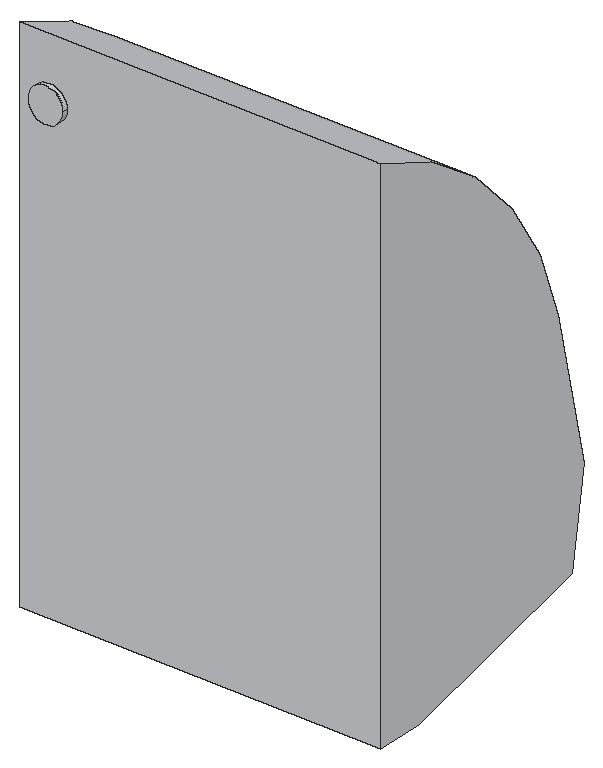
Revit family "DAN DRYER Stainless Design Mini Design 281 MEP", category Furniture Systems, host Wall, Revit 2018
Family settings
  Host = Wall
  Round Connector Dimension = Use Diameter
  Part Type = Normal
  Always vertical = Yes
  Cut with Voids When Loaded = No
  Shared = No
  Room Calculation Point = No
Parameters (values of type "Stål")
  Wicth = 228 mm
  URL = "http://www.dandryer.com/Files/Billeder/PDF/Datablade/Nye/Technical%20data%20sheet%20MINI%20DESIGN.pdf"
  Type Image = <None>
  Offset from Floor = 1500 mm
  Model = "Stainless design"
  Manufacturer = "http://www.dandryer.com/"
  Height = 339 mm
  Description = "WARM-AIR HAND DRYER with IR sensor, type MINI DESIGN, Art. no. 281"
  Cost = 0
Reference planes
  plane 1 "Wall": y = 0
  plane 2 "Center (Left/Right)": x = 125
  plane 3 "Back": y = 75
  plane 4 "Top": z = 1500
  plane 5 "Bund": z = 1161
  plane 6: x = 239
  plane 7: x = 11
Forms (mm)
  Extrusion 1, solid
    sketch origin (125, 0, 0) x (0, 1, 0) y (0, 0, 1)
      loop
        line (75, 1161) -> (105, 1161) -> (225.741, 1193.352) -> (235.127, 1252.614)
        arc (235.127, 1252.614) -> (227.544, 1299.386) -> (215.127, 1345.114) r 454
        arc (215.127, 1345.114) -> (164.741, 1437.327) -> (75, 1491.993) r 203
        line (75, 1491.993) -> (75, 1161)
    from -114 to 114
  Extrusion 2, void
    sketch origin (118.75, 105, 1161) x (0, -0.965926, -0.258819) y (1, 0, 0)
      loop
        line (-83.221, 88.709) -> (-83.221, 15.709) -> (-28.221, 15.709) -> (-28.221, 88.709) -> (-83.221, 88.709)
      loop
        line (-50.096, 6.356) -> (-80.096, 6.356)
        arc (-80.096, 6.356) -> (-82.596, 3.856) -> (-80.096, 1.356) r 2.5
        line (-80.096, 1.356) -> (-50.096, 1.356)
        arc (-50.096, 1.356) -> (-47.596, 3.856) -> (-50.096, 6.356) r 2.5
      loop
        line (-50.096, -3.644) -> (-80.096, -3.644)
        arc (-80.096, -3.644) -> (-82.596, -6.144) -> (-80.096, -8.644) r 2.5
        line (-80.096, -8.644) -> (-50.096, -8.644)
        arc (-50.096, -8.644) -> (-47.596, -6.144) -> (-50.096, -3.644) r 2.5
      loop
        line (-50.096, -13.644) -> (-80.096, -13.644)
        arc (-80.096, -13.644) -> (-82.596, -16.144) -> (-80.096, -18.644) r 2.5
        line (-80.096, -18.644) -> (-50.096, -18.644)
        arc (-50.096, -18.644) -> (-47.596, -16.144) -> (-50.096, -13.644) r 2.5
      loop
        line (-50.096, -23.644) -> (-80.096, -23.644)
        arc (-80.096, -23.644) -> (-82.596, -26.144) -> (-80.096, -28.644) r 2.5
        line (-80.096, -28.644) -> (-50.096, -28.644)
        arc (-50.096, -28.644) -> (-47.596, -26.144) -> (-50.096, -23.644) r 2.5
      loop
        line (-50.096, -33.644) -> (-80.096, -33.644)
        arc (-80.096, -33.644) -> (-82.596, -36.144) -> (-80.096, -38.644) r 2.5
        line (-80.096, -38.644) -> (-50.096, -38.644)
        arc (-50.096, -38.644) -> (-47.596, -36.144) -> (-50.096, -33.644) r 2.5
      loop
        line (-50.096, -43.644) -> (-80.096, -43.644)
        arc (-80.096, -43.644) -> (-82.596, -46.144) -> (-80.096, -48.644) r 2.5
        line (-80.096, -48.644) -> (-50.096, -48.644)
        arc (-50.096, -48.644) -> (-47.596, -46.144) -> (-50.096, -43.644) r 2.5
      loop
        line (-50.096, -53.644) -> (-80.096, -53.644)
        arc (-80.096, -53.644) -> (-82.596, -56.144) -> (-80.096, -58.644) r 2.5
        line (-80.096, -58.644) -> (-50.096, -58.644)
        arc (-50.096, -58.644) -> (-47.596, -56.144) -> (-50.096, -53.644) r 2.5
      loop
        line (-50.096, -63.644) -> (-80.096, -63.644)
        arc (-80.096, -63.644) -> (-82.596, -66.144) -> (-80.096, -68.644) r 2.5
        line (-80.096, -68.644) -> (-50.096, -68.644)
        arc (-50.096, -68.644) -> (-47.596, -66.144) -> (-50.096, -63.644) r 2.5
      loop
        line (-50.096, -73.644) -> (-80.096, -73.644)
        arc (-80.096, -73.644) -> (-82.596, -76.144) -> (-80.096, -78.644) r 2.5
        line (-80.096, -78.644) -> (-50.096, -78.644)
        arc (-50.096, -78.644) -> (-47.596, -76.144) -> (-50.096, -73.644) r 2.5
      loop
        line (-30.096, 6.356) -> (-40.096, 6.356)
        arc (-40.096, 6.356) -> (-42.596, 3.856) -> (-40.096, 1.356) r 2.5
        line (-40.096, 1.356) -> (-30.096, 1.356)
        arc (-30.096, 1.356) -> (-27.596, 3.856) -> (-30.096, 6.356) r 2.5
      loop
        line (-30.096, -3.644) -> (-40.096, -3.644)
        arc (-40.096, -3.644) -> (-42.596, -6.144) -> (-40.096, -8.644) r 2.5
        line (-40.096, -8.644) -> (-30.096, -8.644)
        arc (-30.096, -8.644) -> (-27.596, -6.144) -> (-30.096, -3.644) r 2.5
      loop
        line (-30.096, -13.644) -> (-40.096, -13.644)
        arc (-40.096, -13.644) -> (-42.596, -16.144) -> (-40.096, -18.644) r 2.5
        line (-40.096, -18.644) -> (-30.096, -18.644)
        arc (-30.096, -18.644) -> (-27.596, -16.144) -> (-30.096, -13.644) r 2.5
      loop
        line (-30.096, -23.644) -> (-40.096, -23.644)
        arc (-40.096, -23.644) -> (-42.596, -26.144) -> (-40.096, -28.644) r 2.5
        line (-40.096, -28.644) -> (-30.096, -28.644)
        arc (-30.096, -28.644) -> (-27.596, -26.144) -> (-30.096, -23.644) r 2.5
      loop
        line (-30.096, -33.644) -> (-40.096, -33.644)
        arc (-40.096, -33.644) -> (-42.596, -36.144) -> (-40.096, -38.644) r 2.5
        line (-40.096, -38.644) -> (-30.096, -38.644)
        arc (-30.096, -38.644) -> (-27.596, -36.144) -> (-30.096, -33.644) r 2.5
      loop
        line (-30.096, -43.644) -> (-40.096, -43.644)
        arc (-40.096, -43.644) -> (-42.596, -46.144) -> (-40.096, -48.644) r 2.5
        line (-40.096, -48.644) -> (-30.096, -48.644)
        arc (-30.096, -48.644) -> (-27.596, -46.144) -> (-30.096, -43.644) r 2.5
      loop
        line (-30.096, -53.644) -> (-40.096, -53.644)
        arc (-40.096, -53.644) -> (-42.596, -56.144) -> (-40.096, -58.644) r 2.5
        line (-40.096, -58.644) -> (-30.096, -58.644)
        arc (-30.096, -58.644) -> (-27.596, -56.144) -> (-30.096, -53.644) r 2.5
      loop
        line (-30.096, -63.644) -> (-40.096, -63.644)
        arc (-40.096, -63.644) -> (-42.596, -66.144) -> (-40.096, -68.644) r 2.5
        line (-40.096, -68.644) -> (-30.096, -68.644)
        arc (-30.096, -68.644) -> (-27.596, -66.144) -> (-30.096, -63.644) r 2.5
      loop
        line (-30.096, -73.644) -> (-40.096, -73.644)
        arc (-40.096, -73.644) -> (-42.596, -76.144) -> (-40.096, -78.644) r 2.5
        line (-40.096, -78.644) -> (-30.096, -78.644)
        arc (-30.096, -78.644) -> (-27.596, -76.144) -> (-30.096, -73.644) r 2.5
      loop
        line (-50.096, 108.709) -> (-80.096, 108.709)
        arc (-80.096, 108.709) -> (-82.596, 106.209) -> (-80.096, 103.709) r 2.5
        line (-80.096, 103.709) -> (-50.096, 103.709)
        arc (-50.096, 103.709) -> (-47.596, 106.209) -> (-50.096, 108.709) r 2.5
      loop
        line (-50.096, 98.709) -> (-80.096, 98.709)
        arc (-80.096, 98.709) -> (-82.596, 96.209) -> (-80.096, 93.709) r 2.5
        line (-80.096, 93.709) -> (-50.096, 93.709)
        arc (-50.096, 93.709) -> (-47.596, 96.209) -> (-50.096, 98.709) r 2.5
      loop
        line (-30.096, 108.709) -> (-40.096, 108.709)
        arc (-40.096, 108.709) -> (-42.596, 106.209) -> (-40.096, 103.709) r 2.5
        line (-40.096, 103.709) -> (-30.096, 103.709)
        arc (-30.096, 103.709) -> (-27.596, 106.209) -> (-30.096, 108.709) r 2.5
      loop
        line (-30.096, 98.709) -> (-40.096, 98.709)
        arc (-40.096, 98.709) -> (-42.596, 96.209) -> (-40.096, 93.709) r 2.5
        line (-40.096, 93.709) -> (-30.096, 93.709)
        arc (-30.096, 93.709) -> (-27.596, 96.209) -> (-30.096, 98.709) r 2.5
      loop
        line (-50.096, -83.644) -> (-80.096, -83.644)
        arc (-80.096, -83.644) -> (-82.596, -86.144) -> (-80.096, -88.644) r 2.5
        line (-80.096, -88.644) -> (-50.096, -88.644)
        arc (-50.096, -88.644) -> (-47.596, -86.144) -> (-50.096, -83.644) r 2.5
      loop
        line (-30.096, -83.644) -> (-40.096, -83.644)
        arc (-40.096, -83.644) -> (-42.596, -86.144) -> (-40.096, -88.644) r 2.5
        line (-40.096, -88.644) -> (-30.096, -88.644)
        arc (-30.096, -88.644) -> (-27.596, -86.144) -> (-30.096, -83.644) r 2.5
    from 0 to 5
  Extrusion 3, solid
    sketch origin (0, 0, -23.212) x (1, 0, 0) y (0, 0, 1)
      loop
        circle (29.682, 1476.181) r 11
    from -75 to -71.905
Cuts and joins
  Extrusion 2 cuts Extrusion 1
  joined: Extrusion 1, Extrusion 3
Text (mm)
  text "Placement Side" at (-1848.837, 1116.779, 0), in view "Ref. Level"
  text "Placement side" at (0, 1409.804, 2854.306), in view "Left"
  text "Placement side" at (0, 499.811, 2980.732), in view "Right"
Dimensions and locks
  locked: plane 3 "Back" to host wall
  "Height": plane 5 "Bund" to plane 4 "Top"
  equal spacing: plane 7, plane 2 "Center (Left/Right)", plane 6
  "Wicth": plane 7 to plane 6
  "Offset from Floor": level to plane 4 "Top"
  aligned and locked: plane 1 "Wall" to host wall
  aligned and locked: Extrusion 1 sketch curve to host wall
  aligned and locked: plane 7 to Extrusion 1
  aligned and locked: Extrusion 1 to plane 6
Automatic sketch dimensions
  Extrusion 1 sketch curve to plane 5 "Bund" = 0 mm
  Extrusion 1 sketch curve to host wall = 17.862 mm
  plane 5 "Bund" to Extrusion 1 sketch curve = 42.441 mm
  host wall to Extrusion 1 sketch curve = 141.202 mm
  Extrusion 1 sketch curve to Extrusion 1 sketch curve = 30 mm
  plane 5 "Bund" to Extrusion 1 sketch curve = 32.352 mm
  Extrusion 1 sketch curve to Extrusion 1 sketch curve = 120.741 mm
  Extrusion 1 sketch curve to Extrusion 1 sketch curve = 9.386 mm
  Extrusion 1 sketch curve to Extrusion 1 sketch curve = 59.261 mm
  plane 5 "Bund" to Extrusion 1 sketch curve = 136.2 mm
  Extrusion 1 sketch curve to Extrusion 1 sketch curve = 20 mm
  Extrusion 1 to Extrusion 2 sketch curve = 41.779 mm
  Extrusion 2 sketch curve to Extrusion 2 sketch curve = 3.125 mm  (x2)
  Extrusion 2 sketch curve to Extrusion 2 sketch curve = 0 mm  (x38)
  Extrusion 2 sketch curve to Extrusion 1 = 24.106 mm
  Extrusion 1 to Extrusion 2 sketch curve = 44.904 mm
  Extrusion 2 sketch curve to Extrusion 2 sketch curve = 30 mm  (x2)
  Extrusion 2 sketch curve to Extrusion 2 sketch curve = 10 mm  (x5)
  Extrusion 2 sketch curve to Extrusion 2 sketch curve = 1.875 mm
  Extrusion 2 sketch curve to Extrusion 2 sketch curve = 2.5 mm  (x25)
  Extrusion 2 sketch curve to Extrusion 2 sketch curve = 5 mm  (x22)
  Extrusion 2 sketch curve to Extrusion 2 sketch curve = 9.353 mm
  Extrusion 2 sketch curve to Extrusion 1 = 31.541 mm
  Extrusion 3 sketch curve to plane 7 = 18.682 mm
  Extrusion 3 sketch curve to plane 4 "Top" = 47.031 mm
  radius of Extrusion 3 sketch curve = 11 mm
Connectors
  electrical at (29.682, 71.905, 1452.969)
    settings: on cut or joined group of Extrusion 1, Extrusion 2, Extrusion 3, index 1, voltage 230 V, apparent load 0 VA, apparent load phase1 0 VA, apparent load phase2 0 VA, apparent load phase3 0 VA, power factor 1, load classification "Other", number of poles 1, system type 30, power factor state 0, is connector primary yes, connector utility no, sub classification motor no, connector description "WARM-AIR HAND DRYER with IR sensor, type MINI DESIGN, Art. no. 281"
